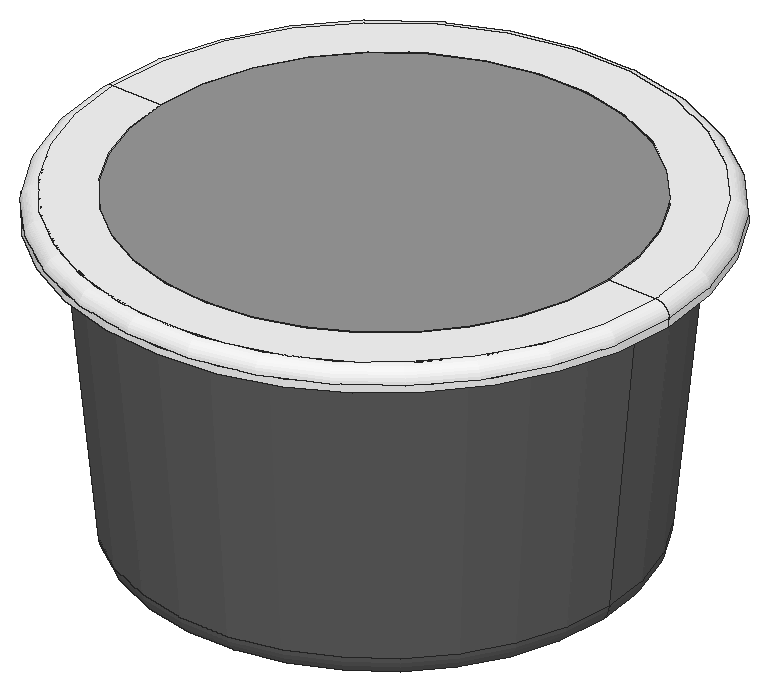
Revit family "3098115 Lighting Fixture_Sylvania_Insaver LED II 150 High_Ceiling Recessed", category Lighting Fixtures, host Face, Revit 2017
Family settings
  Host = Face
  Round Connector Dimension = Use Diameter
  Part Type = Normal
  OmniClass Number = 23.80.70.11.17
  OmniClass Title = Specialized Lighting by Location or Use
  Cut with Voids When Loaded = No
  Light Source = Yes
  Shared = No
  Room Calculation Point = No
Parameters (values of type "Insaver LED II 150 High Output NW EB")
  Ta Rating = "0°C to 55°C"  # constant formula
  Reflector Radius = Body Radius - 2.0 mm  # 73.0 mm
  Reflector Material = Metal_Sylvania_Insaver LED II_Polished
  Radius = Diameter / 2  # 84.5 mm
  LOR = "100%"  # constant formula
  IP Rating = "IP23 (44 with accessory)"  # constant formula
  Height = 87.0 mm
  Glare Control = "UGR <19 (using accessory)"  # constant formula
  Energy Class = "A++,A+,A"  # constant formula
  Weight = 0 kg
  Wattage = 24.7423 W
  built-in parameter 1150110 = 1 (stored number, unit not read)
  Voltage Comments = "UNV (Universal Voltage; 220-240 Volt)"  # constant formula
  Voltage = 230 V  # constant formula
  URL = "http://www.sylvania-lighting.com"
  built-in parameter 1114217 = 1 (stored number, unit not read)
  Tilt Angle = -90°
  built-in parameter 1150109 = 1 (stored number, unit not read)
  built-in parameter 1150134 = 12
  built-in parameter 1150113 = 1 (stored number, unit not read)
  Product Page URL = "http://www.sylvania-lighting.com/product/en-int/products/3098115"
  Product Family = "INSAVER LED II 150"  # constant formula
  Photometry Comments = ""
  Photometric Web File = "3098115_InsaverLEDII150HighOutputNWEB-200582.ies"
  Life = "50 000 h"  # constant formula
  Emit from Circle Diameter = Diffuser Diameter  # 133.0 mm
  Emit Shape Visible in Rendering = no
  Drive Current = "900mA"  # constant formula
  Distribution type = "Direct - symmetrical"  # constant formula
  Diffuser Material = Glass_Sylvania_Insaver LED II_4000K
  Diffuser Diameter = Diameter - 36.0 mm  # 133.0 mm
  Diameter = 169.0 mm
  Cutout Diameter = Diameter - 19.0 mm  # 150.0 mm
  Colour consistency (SDCM) = "3 step"  # constant formula
  built-in parameter 1114216 [instance] = 1 (stored number, unit not read)
  Model = "Insaver LED II 150 High Output NW EB"
  Manufacturer = "Feilo Sylvania"
  built-in parameter 1150105 = 190.99 (stored number, unit not read)
  Lumens = 2400 lm
  built-in parameter 1150115 = 1 (stored number, unit not read)
  built-in parameter 1150137 = (empty or 0)
  built-in parameter 1150139 = (empty or 0)
  built-in parameter 1150112 = 1 (stored number, unit not read)
  built-in parameter 1150114 = 1 (stored number, unit not read)
  Lamp Comments = "Integrated LED"  # constant formula
  Lamp = ""
  built-in parameter 1150132 = 2
  built-in parameter 1150102 = (empty or 0)
  built-in parameter 1150107 = 4000 (stored number, unit not read)
  built-in parameter 1150138 = (empty or 0)
  built-in parameter 1150106 = 1.9099 (stored number, unit not read)
  CRI ( Ra ) = 80  # constant formula
  Body Material = Plastic_Sylvania_Insaver LED II_Black
  built-in parameter 1150104 = 9.0116 (stored number, unit not read)
  Dimming Lamp Color Temperature Shift = <None>
  Description = "Circular LED downlight with up to 114lm/W efficacy and 2,400 luminaire lumen output. Innovative easy installation system allows for a rapid, single point installation. For 150mm cut outs. IP44 or UGR<19 compliant with additional accessories. 3 hour emergency and surface mounted versions available. Plus3 version includes Wieland GST connector."  # constant formula
  Default Elevation = 0.0 mm
  Color Filter = 16777215
  Catalog Number = "3098115 Insaver LED II 150 High Output NW EB"
  built-in parameter 1140040 [instance] = 1
  Body Radius = Cutout Diameter / 2  # 75.0 mm
  Beam Angle = 76°  # constant formula
  built-in parameter 1114218 = 1 (stored number, unit not read)
  built-in parameter 1150133 = 10 (stored number, unit not read)
  Assembly Code = "D5020200"
  Apparent Load Comments = ""
  Apparent Load = 22 VA
  Accessory Material = Plastic_Sylvania_Insaver LED II_White
Reference planes
  plane 1 "Center (Front/Back)": y = 0
  plane 2: z = 0
  plane 3 "Center (Left/Right)": x = 0
  plane 4 "Fixture Top": z = -87
  plane 5 "Fixture Bottom": z = 6
  plane 6 "Reflector Top": z = -60
Forms (mm)
  Extrusion 1, void
    sketch origin (0, 0, 0) x (1, 0, 0) y (0, 1, 0)
      loop
        circle (0, 0) r 75
    from -87 to 0
  Revolve 2, solid, material "Plastic_Sylvania_Insaver LED II_White" <- "Accessory Material", detail levels fine
    sketch origin (0, 0, 0) x (1, 0, 0) y (0, 0, 1)
      loop
        line (-84.5, 0) -> (-66.5, 0) -> (-66.5, 6) -> (-80.5, 6)
        arc (-80.5, 6) -> (-83.328, 4.828) -> (-84.5, 2) r 4
        line (-84.5, 2) -> (-84.5, 0)
      axis (0, 6) -> (0, 0)
    angle from 0 to 360
  Revolve 3, solid, material "Plastic_Sylvania_Insaver LED II_Black" <- "Body Material", detail levels fine
    sketch origin (0, 0, 0) x (1, 0, 0) y (0, 0, 1)
      loop
        line (0, -87) -> (0, -85) -> (-59.475, -85)
        arc (-59.475, -85) -> (-62.901, -83.847) -> (-64.933, -80.857) r 5.666
        arc (-64.933, -80.857) -> (-70.978, -41.634) -> (-73, -2) r 389.454
        line (-73, -2) -> (-73, 0) -> (-75, 0) -> (-75, -2)
        arc (-75, -2) -> (-73.011, -41.414) -> (-67.063, -80.428) r 391.454
        arc (-67.063, -80.428) -> (-64.495, -85.129) -> (-59.475, -87) r 7.666
        line (-59.475, -87) -> (0, -87)
      axis (0, 0) -> (0, -87)
    angle from 0 to 360
  Extrusion 4, solid, material "Glass_Sylvania_Insaver LED II_4000K" <- "Diffuser Material", detail levels fine
    sketch origin (0, 0, 0) x (1, 0, 0) y (0, 1, 0)
      loop
        circle (0, 0) r 66.5
    from 0 to 6
  Revolve 5, solid, material "Metal_Sylvania_Insaver LED II_Polished" <- "Reflector Material", detail levels fine
    sketch origin (0, 0, 0) x (1, 0, 0) y (0, 0, 1)
      loop
        line (-73, 0) -> (-73, -2)
        arc (-73, -2) -> (-46.618, -43.735) -> (0, -60) r 74.94
        line (0, -60) -> (0, -58)
        arc (0, -58) -> (-45.285, -42.24) -> (-71, -1.769) r 72.94
        line (-71, -1.769) -> (-71, 0) -> (-73, 0)
      axis (0, 0) -> (0, -60)
    angle from 0 to 360
  Revolve 6, solid, material "Plastic_Sylvania_Insaver LED II_White" <- "Accessory Material", detail levels coarse+medium
    sketch origin (0, 0, 0) x (1, 0, 0) y (0, 0, 1)
      loop
        line (0, -87) -> (0, 6) -> (-84.5, 6) -> (-84.5, 0) -> (-75, 0) -> (-75, -2)
        arc (-75, -2) -> (-73.011, -41.414) -> (-67.063, -80.428) r 391.454
        arc (-67.063, -80.428) -> (-64.495, -85.129) -> (-59.475, -87) r 7.666
        line (-59.475, -87) -> (0, -87)
      axis (0, 6) -> (0, -87)
    angle from 0 to 360
Lines and regions (mm)
  Masking region 1
    outline origin (0, 0, 0) x (1, 0, 0) y (0, 1, 0)
      loop
        circle (0, 0) r 84.5
  symbolic lines, detail levels fine
    curve 1: arc (66.5, 0, 0) -> (0, 66.5, 0) -> (-66.5, 0, 0) r 66.5
    curve 2: arc (-66.5, 0, 0) -> (0, -66.5, 0) -> (66.5, 0, 0) r 66.5
Dimensions and locks
  "Height": plane 2 to plane 4 "Fixture Top"
  plane 5 "Fixture Bottom" to plane 2 = 6.0 mm
  "Radius": plane 3 "Center (Left/Right)" to Revolve 2 sketch curve
  locked: Revolve 2 sketch curve to plane 2 at 2
  Revolve 2 sketch curve to Revolve 2 sketch curve = 18.0 mm
  "Body Radius": plane 3 "Center (Left/Right)" to Revolve 3 sketch curve
  locked: Revolve 3 sketch curve to Revolve 3 sketch curve at 2
  locked: Revolve 3 sketch curve to plane 4 "Fixture Top" at 2
  "Reflector Radius": Revolve 5 sketch curve to plane 3 "Center (Left/Right)"
  locked: Revolve 5 sketch curve to Revolve 5 sketch curve at 2
  "Radius": Revolve 6 sketch curve to imposter light
  locked: Revolve 6 sketch curve to Revolve 6 sketch curve at 9.5
  "Cutout Diameter": diameter of Extrusion 1 sketch curve
  "Diffuser Diameter": diameter of Extrusion 4 sketch curve
  aligned and locked: plane 2 to host face
  aligned and locked: level to host face
  aligned and locked: Extrusion 1 to plane 4 "Fixture Top"
  aligned and locked: plane 2 to Extrusion 1
  aligned and locked: Revolve 2 sketch curve to plane 2
  aligned and locked: Revolve 2 sketch curve to plane 5 "Fixture Bottom"
  aligned and locked: Revolve 2 sketch curve to plane 3 "Center (Left/Right)"
  aligned and locked: Revolve 3 sketch curve to plane 3 "Center (Left/Right)"  (x2)
  aligned and locked: Extrusion 4 to plane 2
  aligned and locked: plane 5 "Fixture Bottom" to Extrusion 4
  aligned and locked: plane 4 "Fixture Top" to Revolve 3 sketch curve
  aligned and locked: Revolve 3 sketch curve to plane 2
  aligned and locked: Revolve 5 sketch curve to host face
  aligned and locked: Revolve 5 sketch curve to plane 3 "Center (Left/Right)"
  aligned and locked: plane 6 "Reflector Top" to Revolve 5 sketch curve
  aligned and locked: plane 3 "Center (Left/Right)" to Revolve 5 sketch curve
  aligned and locked: imposter light to plane 3 "Center (Left/Right)"
  aligned and locked: imposter light to plane 1 "Center (Front/Back)"
  aligned and locked: imposter light to plane 5 "Fixture Bottom"
  aligned and locked: Revolve 6 sketch curve to plane 3 "Center (Left/Right)"  (x2)
  aligned and locked: plane 4 "Fixture Top" to Revolve 6 sketch curve
  aligned and locked: Revolve 6 sketch curve to imposter light
  aligned and locked: Masking region 1 sketch curve to Revolve 6  (x2)
  aligned and locked: curve 1 to Extrusion 4
  aligned and locked: curve 2 to Extrusion 4
Automatic sketch dimensions
  host sketch curve to host sketch curve = 1040.406 mm
  host sketch curve to host sketch curve = 988.385 mm
  plane 1 "Center (Front/Back)" to Extrusion 1 sketch curve = 0.0 mm
  Extrusion 1 sketch curve to plane 3 "Center (Left/Right)" = 0.0 mm
  Revolve 2 sketch curve to level = 23.903 mm
  plane 5 "Fixture Bottom" to Revolve 2 sketch curve = 38.423 mm
  Revolve 3 sketch curve to Revolve 3 sketch curve = 0.0 mm  (x4)
  Revolve 3 sketch curve to plane 3 "Center (Left/Right)" = 59.475 mm
  Revolve 3 sketch curve to level = 2.0 mm
  plane 3 "Center (Left/Right)" to Revolve 3 sketch curve = 316.454 mm
  Revolve 3 sketch curve to Revolve 3 sketch curve = 5.666 mm
  Revolve 3 sketch curve to level = 21.34 mm
  plane 5 "Fixture Bottom" to Revolve 3 sketch curve = 47.66 mm
  plane 1 "Center (Front/Back)" to Extrusion 4 sketch curve = 0.0 mm
  Extrusion 4 sketch curve to plane 3 "Center (Left/Right)" = 0.0 mm
  Revolve 5 sketch curve to Revolve 5 sketch curve = 0.0 mm
  Revolve 5 sketch curve to Revolve 5 sketch curve = 2.0 mm
  Revolve 5 sketch curve to level = 2.0 mm
  Revolve 5 sketch curve to plane 4 "Fixture Top" = 30.934 mm
  Revolve 5 sketch curve to Revolve 5 sketch curve = 27.127 mm
  Revolve 6 sketch curve to level = 0.0 mm
  plane 4 "Fixture Top" to Revolve 6 sketch curve = 7.666 mm
  Revolve 6 sketch curve to plane 3 "Center (Left/Right)" = 59.475 mm
  Revolve 6 sketch curve to level = 2.0 mm
  plane 3 "Center (Left/Right)" to Revolve 6 sketch curve = 316.454 mm
  Revolve 6 sketch curve to level = 21.34 mm
  Revolve 6 sketch curve to Revolve 6 sketch curve = 47.66 mm
Connectors
  electrical at (0, 0, -87), driven by "Voltage", driven by "Apparent Load"
    settings: index 1, voltage 230 V, apparent load 0 VA, apparent load phase1 22 VA, apparent load phase2 0 VA, apparent load phase3 0 VA, power factor 1, load classification "Lighting", number of poles 1, system type 31, power factor state 1, is connector primary yes, connector utility no, sub classification motor no, connector description ""
